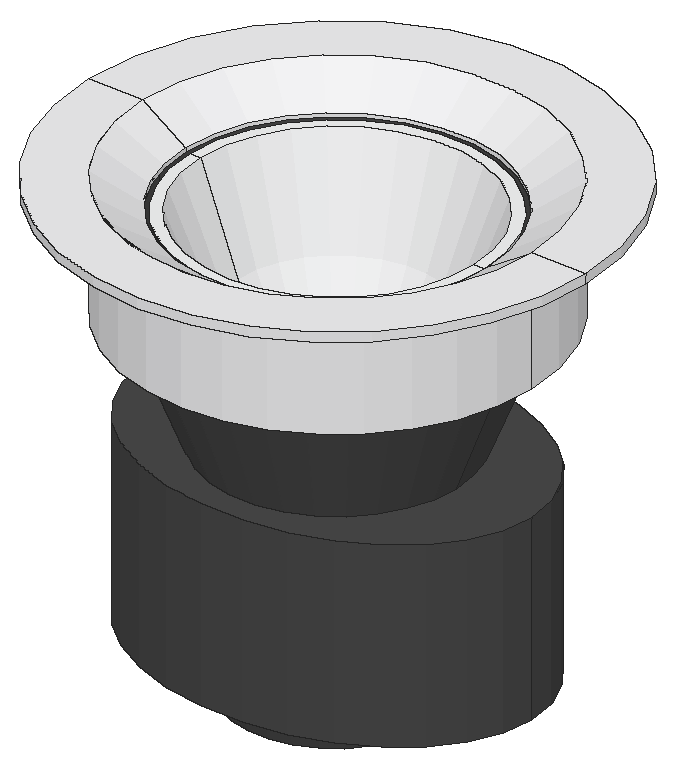
Revit family "2070016", category Lighting Fixtures, host Face, Revit 2018
Family settings
  Host = Face
  Round Connector Dimension = Use Diameter
  Part Type = Normal
  OmniClass Number = 23.80.70.11.17
  OmniClass Title = Specialized Lighting by Location or Use
  Cut with Voids When Loaded = No
  Light Source = Yes
  Shared = No
  Room Calculation Point = No
Parameters (values of type "2070016 EXPOSPOT 70 FIX RA90 3000K MB WHITE")
  Weight = 0.52 kg  # constant formula
  Total Power Consumption = 20.9996 W
  Reflector Material = Aluminum_Sylvania_Expospot_Polished
  Radius = Diameter / 2  # 55.0 mm
  Keynote = "n/a"
  Cooling Small Axis = Radius - 23.0 mm  # 32.0 mm
  Cooling Big Axis = Radius - 12.0 mm  # 43.0 mm
  Product Code = "0060226"
  Photobiological Risk Group = "RG1"  # constant formula
  Nominal Frequency = "50/60Hz"  # constant formula
  Max. Luminaires per 20A C Breaker = "70"  # constant formula
  Max. Luminaires per 20A B Breaker = "42"  # constant formula
  Max. Luminaires per 16A C Breaker = "51"  # constant formula
  Max. Luminaires per 16A B Breaker = "31"  # constant formula
  Max. Luminaires per 13A C Breaker = "41"  # constant formula
  Max. Luminaires per 13A B Breaker = "25"  # constant formula
  Max. Luminaires per 10A C Breaker = "31"  # constant formula
  Max. Luminaires per 10A B Breaker = "19"  # constant formula
  Lamp Power Factor = 0.9  # constant formula
  LOR = "100%"  # constant formula
  Inrush Duration = "139µs"  # constant formula
  Inrush Current = 28 A  # constant formula
  IP Rating = "IP20"  # constant formula
  IK Rating = "IK02"  # constant formula
  Height = 101.0 mm  # constant formula
  Wattage = 20.9996 W
  built-in parameter 1150110 = 1 (stored number, unit not read)
  Voltage Comments = "220-240V~"  # constant formula
  Voltage = 240 V  # constant formula
  URL = "0.9"
  built-in parameter 1114217 = 1 (stored number, unit not read)
  Tilt Angle = -90°  # constant formula
  built-in parameter 1150109 = 1 (stored number, unit not read)
  built-in parameter 1150134 = (empty or 0)
  built-in parameter 1150113 = 1 (stored number, unit not read)
  Product Page URL = "http://www.sylvania-lighting.com/product/en-int/products/0060226"
  Product Family = "EXPOSPOT 70 FIXED"  # constant formula
  Photometry Comments = ""
  Photometric Web File = "2070016.ies"
  Glow Wire Test = 850 °C  # constant formula
  Emit from Circle Diameter = Diameter - 24.0 mm  # 86.0 mm
  Emit Shape Visible in Rendering = no
  Electrical Protection = "Class II"  # constant formula
  Drive Current = "500mA"  # constant formula
  Dimmable = "N"  # constant formula
  Diffuser Material = Acrylic_Sylvania_Expospot_3000K
  Diameter = 110.0 mm  # constant formula
  Cutout Diameter = Diameter - 10.0 mm  # 100.0 mm
  Created by URL = "http://all1studio.com/"
  Created by = "All 1 Studio Ltd. "  # constant formula
  Control Gear Type = "Electronic"  # constant formula
  Control Gear Required = "No"  # constant formula
  Control Gear Mounting = "Remote"  # constant formula
  Colour Variation Initial = "3SDCM"  # constant formula
  built-in parameter 1114216 [instance] = 1 (stored number, unit not read)
  Model = "EXPOSPOT 70 FIXED RA90 3000K MB WHITE"
  Manufacturer = "Feilo Sylvania"  # constant formula
  built-in parameter 1150105 = 171.25 (stored number, unit not read)
  Lumens = 2152 lm
  built-in parameter 1150115 = 1 (stored number, unit not read)
  built-in parameter 1150137 = (empty or 0)
  built-in parameter 1150139 = (empty or 0)
  built-in parameter 1150112 = 1 (stored number, unit not read)
  built-in parameter 1150114 = 1 (stored number, unit not read)
  Lamp = "LED"  # constant formula
  built-in parameter 1150132 = 2
  built-in parameter 1150102 = (empty or 0)
  built-in parameter 1150107 = 3000 (stored number, unit not read)
  built-in parameter 1150138 = 3000
  built-in parameter 1150106 = 1.7125 (stored number, unit not read)
  CRI = "80Ra"
  Body Material = Aluminum_Sylvania_Expospot_White
  built-in parameter 1150104 = 9.5206 (stored number, unit not read)
  Dimming Lamp Color Temperature Shift = <None>
  Description = "Specifically designed for Retail and Display applications. I.e. Supermarkets, Fashion Retail, Department stores. Build around a 70mm reflector and lens combination."  # constant formula
  Default Elevation = 0.0 mm
  Color Filter = 16777215
  built-in parameter 1140040 [instance] = 1
  Beam Angle = 43°
  built-in parameter 1114218 = 1 (stored number, unit not read)
  Average Life = "50 000h"  # constant formula
  built-in parameter 1150133 = 10 (stored number, unit not read)
  Assembly Code = "D5020200"
  Apparent Load Comments = ""
  Apparent Load = 21 VA
  Cooling Material = Plastic_Sylvania_Expospot_Black
Reference planes
  plane 1 "Center (Front/Back)": y = 0
  plane 2: z = 0
  plane 3 "Center (Left/Right)": x = -7.423
  plane 4 "Fixture Bottom": z = 2
  plane 5: x = -62.423
  plane 6: x = -50.423
  plane 7: x = -40.923
  plane 8: z = -5
  plane 9: x = -47.923
  plane 10: z = -4.2
  plane 11: x = -39.923
  plane 12: x = -18.423
  plane 13: x = -20.753
  plane 14: z = -46
  plane 15: z = -25
  plane 16: z = -90.5
  plane 17 "Fixture Top": z = -99
  plane 18: z = -50.5
Forms (mm)
  Revolve 1, solid, material "Aluminum_Sylvania_Expospot_White" <- "Body Material", detail levels fine
    sketch origin (0, 0, 0) x (1, 0, 0) y (0, 0, 1)
      loop
        line (-50.423, 2) -> (-62.423, 2) -> (-62.423, 0) -> (-50.423, 0) -> (-50.423, -25) -> (-47.923, -25) -> (-47.923, -5) -> (-40.923, -5) -> (-40.923, -4.2) -> (-50.423, 2)
      axis (-7.423, 2) -> (-7.423, -25)
    angle from 0 to 360
  Revolve 2, solid, material "Aluminum_Sylvania_Expospot_Polished" <- "Reflector Material", detail levels fine
    sketch origin (0, 0, 0) x (1, 0, 0) y (0, 0, 1)
      loop
        arc (-39.923, -5) -> (-31.687, -26.131) -> (-20.753, -46) r 172.616
        line (-20.753, -46) -> (-18.423, -46)
        arc (-18.423, -46) -> (-29.46, -26.173) -> (-37.623, -5) r 162.237
        line (-37.623, -5) -> (-39.923, -5)
      axis (-7.423, -5) -> (-7.423, -46)
    angle from 0 to 360
  Revolve 3, solid, material "Acrylic_Sylvania_Expospot_3000K" <- "Diffuser Material", detail levels fine
    sketch origin (0, 0, 0) x (1, 0, 0) y (0, 0, 1)
      loop
        arc (-7.423, -37.989) -> (-14.227, -40.204) -> (-18.423, -46) r 11.557
        line (-18.423, -46) -> (-17.367, -46)
        arc (-17.367, -46) -> (-13.506, -40.918) -> (-7.423, -38.989) r 10.557
        line (-7.423, -38.989) -> (-7.423, -37.989)
      axis (-7.423, -37.989) -> (-7.423, -46)
    angle from 0 to 360
  Extrusion 4, solid, material "Plastic_Sylvania_Expospot_Black" <- "Cooling Material", detail levels fine
    sketch origin (0, 0, 0) x (1, 0, 0) y (0, 1, 0)
      loop
        spline (35.577, 0) -> (34.112, 8.282) -> (29.816, 16) -> (22.983, 22.627) -> (14.077, 27.713) -> (3.707, 30.91) -> (-7.423, 32) -> (-18.552, 30.91) -> (-28.923, 27.713) -> (-37.828, 22.627) -> (-44.662, 16) -> (-48.958, 8.282) -> (-50.423, 0)
        spline (-50.423, 0) -> (-48.958, -8.282) -> (-44.662, -16) -> (-37.828, -22.627) -> (-28.923, -27.713) -> (-18.552, -30.91) -> (-7.423, -32) -> (3.707, -30.91) -> (14.077, -27.713) -> (22.983, -22.627) -> (29.816, -16) -> (34.112, -8.282) -> (35.577, 0)
    from -90.5 to -50.5
  Revolve 5, solid, material "Plastic_Sylvania_Expospot_Black" <- "Cooling Material", detail levels fine
    sketch origin (0, 0, 0) x (1, 0, 0) y (0, 0, 1)
      loop
        line (-31.337, -90.5) -> (-31.337, -92.433) -> (-29.248, -99) -> (-7.423, -99) -> (-7.423, -90.5) -> (-31.337, -90.5)
      axis (-7.423, -90.5) -> (-7.423, -99)
    angle from 0 to 360
  Extrusion 6, void
    sketch origin (0, 0, 0) x (1, 0, 0) y (0, 1, 0)
      loop
        circle (-7.423, 0) r 50
    from -90.5 to 0
  Revolve 7, solid, material "Aluminum_Sylvania_Expospot_White" <- "Body Material", detail levels coarse+medium
    sketch origin (0, 0, 0) x (1, 0, 0) y (0, 0, 1)
      loop
        line (-62.423, 2) -> (-62.423, 0) -> (-50.423, 0) -> (-50.423, -99) -> (-7.423, -99) -> (-7.423, 2) -> (-62.423, 2)
      axis (-7.423, 2) -> (-7.423, -99)
    angle from 0 to 360
  Revolve 8, solid, material "Plastic_Sylvania_Expospot_Black" <- "Cooling Material", detail levels fine
    sketch origin (0, 0, 0) x (1, 0, 0) y (0, 0, 1)
      loop
        line (-47.923, -5) -> (-47.923, -25) -> (-44.155, -25) -> (-33.852, -50.5) -> (-7.423, -50.5) -> (-7.423, -46) -> (-34.592, -46) -> (-43.48, -24) -> (-46.923, -24) -> (-46.923, -5) -> (-47.923, -5)
      axis (-7.423, -5) -> (-7.423, -50.5)
    angle from 0 to 360
Cuts and joins
  joined: Extrusion 4, Revolve 5
Lines and regions (mm)
  Masking region 1
    outline origin (0, 0, 0) x (1, 0, 0) y (0, 1, 0)
      loop
        circle (-7.423, 0) r 55
  symbolic lines, detail levels fine
    curve 1: arc (-50.423, 0, 0) -> (-7.423, 43, 0) -> (35.577, 0, 0) r 43
    curve 2: arc (35.577, 0, 0) -> (-7.423, -43, 0) -> (-50.423, 0, 0) r 43
    curve 3: arc (3.577, 0, 0) -> (-7.423, -11, 0) -> (-18.423, 0, 0) r 11
    curve 4: arc (-18.423, 0, 0) -> (-7.423, 11, 0) -> (3.577, 0, 0) r 11
Dimensions and locks
  "Radius": plane 3 "Center (Left/Right)" to plane 5
  Revolve 3 sketch curve to Revolve 3 sketch curve to plane 14 = 1.0 mm locked, 7.011 mm locked
  "Cooling Small Axis": plane 1 "Center (Front/Back)" to Extrusion 4 sketch curve
  "Cooling Big Axis": Extrusion 4 sketch curve to plane 3 "Center (Left/Right)"
  "Height": plane 4 "Fixture Bottom" to plane 17 "Fixture Top"
  locked: plane 16 to plane 17 "Fixture Top" at 8.5
  plane 12 to plane 13 to plane 11 to plane 7 to plane 9 to plane 6 to plane 5 = 2.33 mm locked, 19.17 mm locked, 1.0 mm locked, 7.0 mm locked, 2.5 mm locked, 12.0 mm locked
  locked: Revolve 2 sketch curve to plane 11 at 2.3
  plane 4 "Fixture Bottom" to plane 10 to plane 8 to plane 15 to plane 14 to plane 18 = 6.2 mm locked, 0.8 mm locked, 20.0 mm locked, 21.0 mm locked, 4.5 mm locked
  "Cutout Diameter": diameter of Extrusion 6 sketch curve
  aligned and locked: host face to plane 2
  aligned and locked: host face to level
  aligned and locked: plane 1 "Center (Front/Back)" to imposter light
  aligned and locked: plane 3 "Center (Left/Right)" to imposter light
  aligned and locked: Revolve 1 sketch curve to plane 5
  aligned and locked: Revolve 1 sketch curve to plane 6
  aligned and locked: plane 9 to Revolve 1 sketch curve
  aligned and locked: plane 7 to Revolve 1 sketch curve
  aligned and locked: plane 10 to Revolve 1 sketch curve
  aligned and locked: plane 6 to Revolve 1 sketch curve
  aligned and locked: plane 8 to Revolve 1 sketch curve
  aligned and locked: Revolve 1 sketch curve to plane 2
  aligned and locked: plane 4 "Fixture Bottom" to Revolve 1 sketch curve
  aligned and locked: plane 15 to Revolve 1 sketch curve
  aligned and locked: plane 16 to Extrusion 4
  aligned and locked: plane 16 to Extrusion 6
  aligned and locked: plane 2 to Extrusion 6
  aligned and locked: Revolve 7 sketch curve to plane 6
  aligned and locked: plane 17 "Fixture Top" to Revolve 7 sketch curve
  aligned and locked: Revolve 7 sketch curve to plane 2
  aligned and locked: plane 4 "Fixture Bottom" to Revolve 7 sketch curve
  aligned and locked: Revolve 7 sketch curve to plane 5
  aligned and locked: plane 3 "Center (Left/Right)" to Revolve 7 sketch curve
  aligned and locked: curve 1 to Revolve 1
  aligned and locked: curve 2 to Revolve 1
  aligned and locked: curve 3 to Revolve 3
  aligned and locked: curve 4 to Revolve 3
  aligned and locked: imposter light to plane 4 "Fixture Bottom"
  aligned and locked: cut or joined group of Extrusion 4, Revolve 5 to plane 18
  aligned and locked: plane 14 to Revolve 8 sketch curve
Automatic sketch dimensions
  host sketch curve to host sketch curve = 1506.034 mm
  host sketch curve to host sketch curve = 1442.359 mm
  Revolve 1 sketch curve to plane 3 "Center (Left/Right)" = 0.0 mm
  Revolve 1 sketch curve to Revolve 1 sketch curve = 23.246 mm
  plane 4 "Fixture Bottom" to Revolve 1 sketch curve = 11.292 mm
  Revolve 3 sketch curve to Revolve 3 sketch curve = 0.0 mm
  Revolve 3 sketch curve to plane 12 = 0.0 mm
  Revolve 3 sketch curve to plane 14 = 0.0 mm
  Revolve 3 sketch curve to plane 3 "Center (Left/Right)" = 0.0 mm  (x2)
  Revolve 3 sketch curve to plane 14 = 1.818 mm
  plane 8 to Revolve 3 sketch curve = 3.0 mm
  Revolve 5 sketch curve to plane 16 = 0.0 mm
  Revolve 5 sketch curve to plane 17 "Fixture Top" = 0.0 mm
  Revolve 5 sketch curve to plane 3 "Center (Left/Right)" = 0.0 mm  (x2)
  plane 16 to Revolve 5 sketch curve = 1.933 mm
  plane 17 "Fixture Top" to Revolve 5 sketch curve = 271.274 mm
  plane 4 "Fixture Bottom" to Revolve 5 sketch curve = 1145.706 mm
  plane 1 "Center (Front/Back)" to Extrusion 4 sketch curve = 0.0 mm
  Extrusion 4 sketch curve to plane 3 "Center (Left/Right)" = 0.0 mm
  plane 1 "Center (Front/Back)" to Extrusion 6 sketch curve = 0.0 mm
  Extrusion 6 sketch curve to plane 3 "Center (Left/Right)" = 0.0 mm
  Revolve 7 sketch curve to plane 3 "Center (Left/Right)" = 0.0 mm
  plane 17 "Fixture Top" to Revolve 7 sketch curve = 24.097 mm
  Revolve 7 sketch curve to Revolve 7 sketch curve = 45.0 mm
  Masking region 1 sketch curve to Masking region 1 sketch curve = 0.0 mm  (x2)
  plane 1 "Center (Front/Back)" to Masking region 1 sketch curve = 0.0 mm
  Masking region 1 sketch curve to plane 5 = 0.0 mm
  Masking region 1 sketch curve to plane 3 "Center (Left/Right)" = 0.0 mm
  Revolve 2 sketch curve to plane 8 = 0.0 mm
  Revolve 2 sketch curve to plane 11 = 0.0 mm
  Revolve 2 sketch curve to plane 13 = 0.0 mm
  Revolve 2 sketch curve to plane 12 = 0.0 mm
  plane 3 "Center (Left/Right)" to Revolve 2 sketch curve = 0.0 mm
  Revolve 2 sketch curve to plane 14 = 0.0 mm
  plane 4 "Fixture Bottom" to Revolve 2 sketch curve = 40.631 mm
  Revolve 2 sketch curve to Revolve 2 sketch curve = 7.216 mm
  plane 17 "Fixture Top" to Revolve 2 sketch curve = 294.274 mm
  Revolve 2 sketch curve to Revolve 2 sketch curve = 1100.726 mm
  plane 11 to Revolve 5 sketch curve = 10.675 mm
  plane 7 to Revolve 5 sketch curve = 9.586 mm
  Revolve 8 sketch curve to plane 9 = 0.0 mm
  Revolve 8 sketch curve to plane 15 = 0.0 mm
  Revolve 8 sketch curve to plane 18 = 0.0 mm
  Revolve 8 sketch curve to plane 3 "Center (Left/Right)" = 0.0 mm  (x2)
  Revolve 8 sketch curve to plane 8 = 0.0 mm
  Revolve 8 sketch curve to plane 7 = 3.232 mm
  Revolve 8 sketch curve to Revolve 8 sketch curve = 0.675 mm
  plane 11 to Revolve 8 sketch curve = 6.071 mm
  Revolve 8 sketch curve to Revolve 8 sketch curve = 0.74 mm
  Revolve 8 sketch curve to plane 15 = 1.0 mm
  Revolve 8 sketch curve to Revolve 8 sketch curve = 1.0 mm
  plane 17 "Fixture Top" to Revolve 8 sketch curve = 273.274 mm
  plane 4 "Fixture Bottom" to Revolve 8 sketch curve = 1145.706 mm
Connectors
  electrical at (-7.423, 0, -99), driven by "Voltage", driven by "Apparent Load", driven by "Lamp Power Factor"
    settings: on cut or joined group of Extrusion 4, Revolve 5, index 1, voltage 240 V, apparent load 0 VA, apparent load phase1 21 VA, apparent load phase2 0 VA, apparent load phase3 0 VA, power factor 0.9, load classification "Lighting", number of poles 1, system type 31, power factor state 1, is connector primary yes, connector utility no, sub classification motor no, connector description ""
